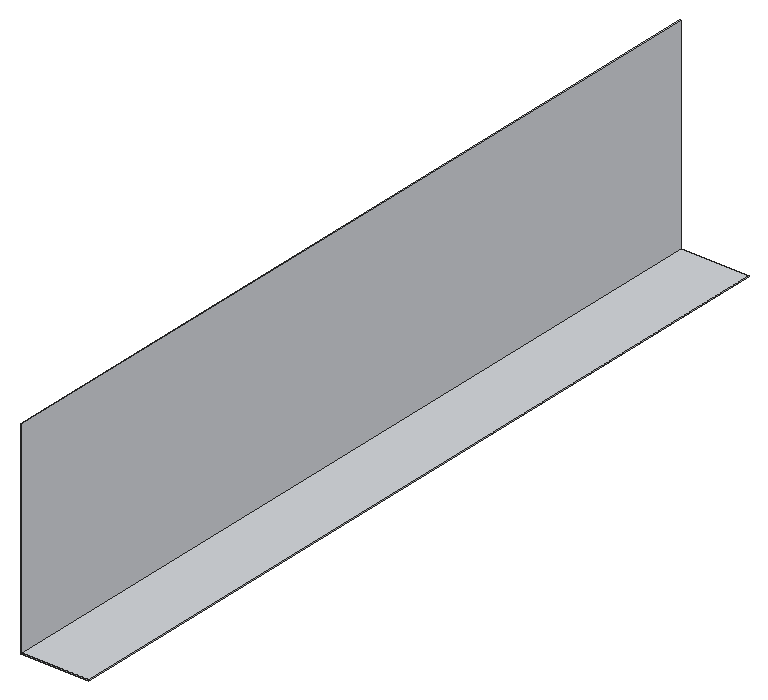
Revit family "BIMSF-ClipAngle", category Structural Framing, Revit 2024
Family settings
  Section Shape = Not Defined
  Material for Model Behavior = Other
  Always export as geometry = No
  Work Plane-Based = No
  Always vertical = Yes
  Cut with Voids When Loaded = No
  Symbolic Representation = From Family
  Shared = Yes
  Show family pre-cut in plan views = Yes
Parameters
  y = 0' - 0"
  x = 0' - 0"
  tf = 0' - 0 9/256"
  k = 0' - 0"
  d = 0' - 6"
  bf = 0' - 2"
  Xcg = bf / 2  # 0' - 1"
  Weight = 0.00 lbf/ft
  W = ""
  StartLength [instance] = 1' - 0"
  Rotation [instance] = 0.00°
  Reported Length [instance] = 2' - 0"
  Length [instance] = StartLength + EndLength  # 2' - 0"
  JustVert [instance] = 0' - 0"
  JustHoriz [instance] = 0' - 0"
  EndLength [instance] = 1' - 0"
  A = 0.00 SF
Reference planes (in)
  plane 1 "Center (Front/Back)": y = 0
  plane 2: z = 0
  plane 3 "Center (Left/Right)": x = 0
  plane 4: y = 12
  plane 5: y = -12
Forms (in)
  Sweep 1, solid, detail levels medium+fine
    path origin (0, 0, 0) x (1, 0, 0) y (0, 1, 0)
      loop
        line (0, -12) -> (0, 12)
    profile "ColdFormed-L Stud-Profile-Medium : ColdFormed-C Stud-Profile-Medium" origin (0, 0, 0) x (-1, 0, 0) y (0, 0, 1)
      loop
        line (0.96484, 3) -> (0.96484, -2.96484) -> (-1, -2.96484) -> (-1, -3) -> (1, -3) -> (1, 3) -> (0.96484, 3)
Dimensions and locks (in)
  "EndLength": plane 4 to plane 1 "Center (Front/Back)"
  "StartLength": plane 5 to plane 1 "Center (Front/Back)"
  "Reported Length": plane 4 to plane 5
  aligned and locked: plane 4 to Sweep 1 sketch curve
  aligned and locked: plane 5 to Sweep 1 sketch curve
  aligned and locked: plane 3 "Center (Left/Right)" to Sweep 1 sketch curve
Types in the file's own list only (127): name | y | x | tf | k | d | bf | Xcg | W | A
  L8X8X1-1/8 | 0' - 2 13/32" | 0' - 2 13/32" | 0' - 1 1/8" | 0' - 1 3/4" | 0' - 8" | 0' - 8" | 0' - 4" | "56.9" | 0.12 SF
  L8X8X1 | 0' - 2 3/8" | 0' - 2 3/8" | 0' - 1" | 0' - 1 5/8" | 0' - 8" | 0' - 8" | 0' - 4" | "51" | 0.10 SF
  L8X8X7/8 | 0' - 2 5/16" | 0' - 2 5/16" | 0' - 0 7/8" | 0' - 1 1/2" | 0' - 8" | 0' - 8" | 0' - 4" | "45" | 0.09 SF
  L8X8X3/4 | 0' - 2 1/4" | 0' - 2 1/4" | 0' - 0 3/4" | 0' - 1 3/8" | 0' - 8" | 0' - 8" | 0' - 4" | "38.9" | 0.08 SF
  L8X8X5/8 | 0' - 2 7/32" | 0' - 2 7/32" | 0' - 0 5/8" | 0' - 1 1/4" | 0' - 8" | 0' - 8" | 0' - 4" | "32.7" | 0.07 SF
  L8X8X9/16 | 0' - 2 3/16" | 0' - 2 3/16" | 0' - 0 9/16" | 0' - 1 3/16" | 0' - 8" | 0' - 8" | 0' - 4" | "29.6" | 0.06 SF
  L8X8X1/2 | 0' - 2 5/32" | 0' - 2 5/32" | 0' - 0 1/2" | 0' - 1 1/8" | 0' - 8" | 0' - 8" | 0' - 4" | "26.4" | 0.05 SF
  L8X6X1 | 0' - 2 21/32" | 0' - 1 21/32" | 0' - 1" | 0' - 1 1/2" | 0' - 8" | 0' - 6" | 0' - 3" | "44.2" | 0.09 SF
  L8X6X7/8 | 0' - 2 19/32" | 0' - 1 19/32" | 0' - 0 7/8" | 0' - 1 3/8" | 0' - 8" | 0' - 6" | 0' - 3" | "39.1" | 0.08 SF
  L8X6X3/4 | 0' - 2 9/16" | 0' - 1 9/16" | 0' - 0 3/4" | 0' - 1 1/4" | 0' - 8" | 0' - 6" | 0' - 3" | "33.8" | 0.07 SF
  L8X6X5/8 | 0' - 2 1/2" | 0' - 1 1/2" | 0' - 0 5/8" | 0' - 1 1/8" | 0' - 8" | 0' - 6" | 0' - 3" | "28.5" | 0.06 SF
  L8X6X9/16 | 0' - 2 15/32" | 0' - 1 1/2" | 0' - 0 9/16" | 0' - 1 1/16" | 0' - 8" | 0' - 6" | 0' - 3" | "25.7" | 0.05 SF
  L8X6X1/2 | 0' - 2 15/32" | 0' - 1 15/32" | 0' - 0 1/2" | 0' - 1" | 0' - 8" | 0' - 6" | 0' - 3" | "23" | 0.05 SF
  L8X6X7/16 | 0' - 2 7/16" | 0' - 1 7/16" | 0' - 0 7/16" | 0' - 0 15/16" | 0' - 8" | 0' - 6" | 0' - 3" | "20.2" | 0.04 SF
  L8X4X1 | 0' - 3 1/32" | 0' - 1 1/32" | 0' - 1" | 0' - 1 1/2" | 0' - 8" | 0' - 4" | 0' - 2" | "37.4" | 0.08 SF
  L8X4X7/8 | 0' - 3" | 0' - 1" | 0' - 0 7/8" | 0' - 1 3/8" | 0' - 8" | 0' - 4" | 0' - 2" | "33.1" | 0.07 SF
  L8X4X3/4 | 0' - 2 15/16" | 0' - 0 15/16" | 0' - 0 3/4" | 0' - 1 1/4" | 0' - 8" | 0' - 4" | 0' - 2" | "28.7" | 0.06 SF
  L8X4X5/8 | 0' - 2 7/8" | 0' - 0 29/32" | 0' - 0 5/8" | 0' - 1 1/8" | 0' - 8" | 0' - 4" | 0' - 2" | "24.2" | 0.05 SF
  L8X4X9/16 | 0' - 2 7/8" | 0' - 0 7/8" | 0' - 0 9/16" | 0' - 1 1/16" | 0' - 8" | 0' - 4" | 0' - 2" | "21.9" | 0.04 SF
  L8X4X1/2 | 0' - 2 27/32" | 0' - 0 27/32" | 0' - 0 1/2" | 0' - 1" | 0' - 8" | 0' - 4" | 0' - 2" | "19.6" | 0.04 SF
  L8X4X7/16 | 0' - 2 13/16" | 0' - 0 27/32" | 0' - 0 7/16" | 0' - 0 15/16" | 0' - 8" | 0' - 4" | 0' - 2" | "17.2" | 0.04 SF
  L7X4X3/4 | 0' - 2 1/2" | 0' - 1" | 0' - 0 3/4" | 0' - 1 1/4" | 0' - 7" | 0' - 4" | 0' - 2" | "26.2" | 0.05 SF
  L7X4X5/8 | 0' - 2 7/16" | 0' - 0 31/32" | 0' - 0 5/8" | 0' - 1 1/8" | 0' - 7" | 0' - 4" | 0' - 2" | "22.1" | 0.05 SF
  L7X4X1/2 | 0' - 2 13/32" | 0' - 0 29/32" | 0' - 0 1/2" | 0' - 1" | 0' - 7" | 0' - 4" | 0' - 2" | "17.9" | 0.04 SF
  L7X4X7/16 | 0' - 2 3/8" | 0' - 0 7/8" | 0' - 0 7/16" | 0' - 0 15/16" | 0' - 7" | 0' - 4" | 0' - 2" | "15.7" | 0.03 SF
  L7X4X3/8 | 0' - 2 11/32" | 0' - 0 7/8" | 0' - 0 3/8" | 0' - 0 7/8" | 0' - 7" | 0' - 4" | 0' - 2" | "13.6" | 0.03 SF
  L6X6X1 | 0' - 1 7/8" | 0' - 1 7/8" | 0' - 1" | 0' - 1 1/2" | 0' - 6" | 0' - 6" | 0' - 3" | "37.4" | 0.08 SF
  L6X6X7/8 | 0' - 1 13/16" | 0' - 1 13/16" | 0' - 0 7/8" | 0' - 1 3/8" | 0' - 6" | 0' - 6" | 0' - 3" | "33.1" | 0.07 SF
  L6X6X3/4 | 0' - 1 25/32" | 0' - 1 25/32" | 0' - 0 3/4" | 0' - 1 1/4" | 0' - 6" | 0' - 6" | 0' - 3" | "28.7" | 0.06 SF
  L6X6X5/8 | 0' - 1 23/32" | 0' - 1 23/32" | 0' - 0 5/8" | 0' - 1 1/8" | 0' - 6" | 0' - 6" | 0' - 3" | "24.2" | 0.05 SF
  L6X6X9/16 | 0' - 1 11/16" | 0' - 1 11/16" | 0' - 0 9/16" | 0' - 1 1/16" | 0' - 6" | 0' - 6" | 0' - 3" | "21.9" | 0.04 SF
  L6X6X1/2 | 0' - 1 21/32" | 0' - 1 21/32" | 0' - 0 1/2" | 0' - 1" | 0' - 6" | 0' - 6" | 0' - 3" | "19.6" | 0.04 SF
  L6X6X7/16 | 0' - 1 21/32" | 0' - 1 21/32" | 0' - 0 7/16" | 0' - 0 15/16" | 0' - 6" | 0' - 6" | 0' - 3" | "17.2" | 0.04 SF
  L6X6X3/8 | 0' - 1 5/8" | 0' - 1 5/8" | 0' - 0 3/8" | 0' - 0 7/8" | 0' - 6" | 0' - 6" | 0' - 3" | "14.9" | 0.03 SF
  L6X6X5/16 | 0' - 1 19/32" | 0' - 1 19/32" | 0' - 0 5/16" | 0' - 0 13/16" | 0' - 6" | 0' - 6" | 0' - 3" | "12.4" | 0.03 SF
  L6X4X7/8 | 0' - 2 1/8" | 0' - 1 1/8" | 0' - 0 7/8" | 0' - 1 3/8" | 0' - 6" | 0' - 4" | 0' - 2" | "27.2" | 0.06 SF
  L6X4X3/4 | 0' - 2 1/16" | 0' - 1 1/16" | 0' - 0 3/4" | 0' - 1 1/4" | 0' - 6" | 0' - 4" | 0' - 2" | "23.6" | 0.05 SF
  L6X4X5/8 | 0' - 2 1/32" | 0' - 1 1/32" | 0' - 0 5/8" | 0' - 1 1/8" | 0' - 6" | 0' - 4" | 0' - 2" | "20" | 0.04 SF
  L6X4X9/16 | 0' - 2" | 0' - 1" | 0' - 0 9/16" | 0' - 1 1/16" | 0' - 6" | 0' - 4" | 0' - 2" | "18.1" | 0.04 SF
  L6X4X1/2 | 0' - 1 31/32" | 0' - 0 31/32" | 0' - 0 1/2" | 0' - 1" | 0' - 6" | 0' - 4" | 0' - 2" | "16.2" | 0.03 SF
  L6X4X7/16 | 0' - 1 15/16" | 0' - 0 31/32" | 0' - 0 7/16" | 0' - 0 15/16" | 0' - 6" | 0' - 4" | 0' - 2" | "14.3" | 0.03 SF
  L6X4X3/8 | 0' - 1 15/16" | 0' - 0 15/16" | 0' - 0 3/8" | 0' - 0 7/8" | 0' - 6" | 0' - 4" | 0' - 2" | "12.3" | 0.03 SF
  L6X4X5/16 | 0' - 1 29/32" | 0' - 0 29/32" | 0' - 0 5/16" | 0' - 0 13/16" | 0' - 6" | 0' - 4" | 0' - 2" | "10.3" | 0.02 SF
  L6X3-1/2X1/2 | 0' - 2 1/16" | 0' - 0 27/32" | 0' - 0 1/2" | 0' - 1" | 0' - 6" | 0' - 3 1/2" | 0' - 1 3/4" | "15.3" | 0.03 SF
  L6X3-1/2X3/8 | 0' - 2 1/32" | 0' - 0 25/32" | 0' - 0 3/8" | 0' - 0 7/8" | 0' - 6" | 0' - 3 1/2" | 0' - 1 3/4" | "11.7" | 0.02 SF
  L6X3-1/2X5/16 | 0' - 2" | 0' - 0 3/4" | 0' - 0 5/16" | 0' - 0 13/16" | 0' - 6" | 0' - 3 1/2" | 0' - 1 3/4" | "9.8" | 0.02 SF
  L5X5X7/8 | 0' - 1 9/16" | 0' - 1 9/16" | 0' - 0 7/8" | 0' - 1 3/8" | 0' - 5" | 0' - 5" | 0' - 2 1/2" | "27.2" | 0.06 SF
  L5X5X3/4 | 0' - 1 17/32" | 0' - 1 17/32" | 0' - 0 3/4" | 0' - 1 1/4" | 0' - 5" | 0' - 5" | 0' - 2 1/2" | "23.6" | 0.05 SF
  L5X5X5/8 | 0' - 1 15/32" | 0' - 1 15/32" | 0' - 0 5/8" | 0' - 1 1/8" | 0' - 5" | 0' - 5" | 0' - 2 1/2" | "20" | 0.04 SF
  L5X5X1/2 | 0' - 1 13/32" | 0' - 1 13/32" | 0' - 0 1/2" | 0' - 1" | 0' - 5" | 0' - 5" | 0' - 2 1/2" | "16.2" | 0.03 SF
  L5X5X7/16 | 0' - 1 13/32" | 0' - 1 13/32" | 0' - 0 7/16" | 0' - 0 15/16" | 0' - 5" | 0' - 5" | 0' - 2 1/2" | "14.3" | 0.03 SF
  L5X5X3/8 | 0' - 1 3/8" | 0' - 1 3/8" | 0' - 0 3/8" | 0' - 0 7/8" | 0' - 5" | 0' - 5" | 0' - 2 1/2" | "12.3" | 0.03 SF
  L5X5X5/16 | 0' - 1 11/32" | 0' - 1 11/32" | 0' - 0 5/16" | 0' - 0 13/16" | 0' - 5" | 0' - 5" | 0' - 2 1/2" | "10.3" | 0.02 SF
  L5X3-1/2X3/4 | 0' - 1 3/4" | 0' - 1" | 0' - 0 3/4" | 0' - 1 3/16" | 0' - 5" | 0' - 3 1/2" | 0' - 1 3/4" | "19.8" | 0.04 SF
  L5X3-1/2X5/8 | 0' - 1 11/16" | 0' - 0 15/16" | 0' - 0 5/8" | 0' - 1 1/16" | 0' - 5" | 0' - 3 1/2" | 0' - 1 3/4" | "16.8" | 0.03 SF
  L5X3-1/2X1/2 | 0' - 1 21/32" | 0' - 0 29/32" | 0' - 0 1/2" | 0' - 0 15/16" | 0' - 5" | 0' - 3 1/2" | 0' - 1 3/4" | "13.6" | 0.03 SF
  L5X3-1/2X3/8 | 0' - 1 19/32" | 0' - 0 27/32" | 0' - 0 3/8" | 0' - 0 13/16" | 0' - 5" | 0' - 3 1/2" | 0' - 1 3/4" | "10.4" | 0.02 SF
  L5X3-1/2X5/16 | 0' - 1 9/16" | 0' - 0 27/32" | 0' - 0 5/16" | 0' - 0 3/4" | 0' - 5" | 0' - 3 1/2" | 0' - 1 3/4" | "8.7" | 0.02 SF
  L5X3-1/2X1/4 | 0' - 1 9/16" | 0' - 0 13/16" | 0' - 0 1/4" | 0' - 0 11/16" | 0' - 5" | 0' - 3 1/2" | 0' - 1 3/4" | "7" | 0.01 SF
  L5X3X1/2 | 0' - 1 3/4" | 0' - 0 3/4" | 0' - 0 1/2" | 0' - 0 15/16" | 0' - 5" | 0' - 3" | 0' - 1 1/2" | "12.8" | 0.03 SF
  L5X3X7/16 | 0' - 1 23/32" | 0' - 0 23/32" | 0' - 0 7/16" | 0' - 0 7/8" | 0' - 5" | 0' - 3" | 0' - 1 1/2" | "11.3" | 0.02 SF
  L5X3X3/8 | 0' - 1 11/16" | 0' - 0 11/16" | 0' - 0 3/8" | 0' - 0 13/16" | 0' - 5" | 0' - 3" | 0' - 1 1/2" | "9.8" | 0.02 SF
  L5X3X5/16 | 0' - 1 21/32" | 0' - 0 11/16" | 0' - 0 5/16" | 0' - 0 3/4" | 0' - 5" | 0' - 3" | 0' - 1 1/2" | "8.2" | 0.02 SF
  L5X3X1/4 | 0' - 1 5/8" | 0' - 0 21/32" | 0' - 0 1/4" | 0' - 0 11/16" | 0' - 5" | 0' - 3" | 0' - 1 1/2" | "6.6" | 0.01 SF
  L4X4X3/4 | 0' - 1 9/32" | 0' - 1 9/32" | 0' - 0 3/4" | 0' - 1 1/8" | 0' - 4" | 0' - 4" | 0' - 2" | "18.5" | 0.04 SF
  L4X4X5/8 | 0' - 1 7/32" | 0' - 1 7/32" | 0' - 0 5/8" | 0' - 1" | 0' - 4" | 0' - 4" | 0' - 2" | "15.7" | 0.03 SF
  L4X4X1/2 | 0' - 1 3/16" | 0' - 1 3/16" | 0' - 0 1/2" | 0' - 0 7/8" | 0' - 4" | 0' - 4" | 0' - 2" | "12.8" | 0.03 SF
  L4X4X7/16 | 0' - 1 5/32" | 0' - 1 5/32" | 0' - 0 7/16" | 0' - 0 13/16" | 0' - 4" | 0' - 4" | 0' - 2" | "11.3" | 0.02 SF
  L4X4X3/8 | 0' - 1 1/8" | 0' - 1 1/8" | 0' - 0 3/8" | 0' - 0 3/4" | 0' - 4" | 0' - 4" | 0' - 2" | "9.8" | 0.02 SF
  L4X4X5/16 | 0' - 1 1/8" | 0' - 1 1/8" | 0' - 0 5/16" | 0' - 0 11/16" | 0' - 4" | 0' - 4" | 0' - 2" | "8.2" | 0.02 SF
  L4X4X1/4 | 0' - 1 3/32" | 0' - 1 3/32" | 0' - 0 1/4" | 0' - 0 5/8" | 0' - 4" | 0' - 4" | 0' - 2" | "6.6" | 0.01 SF
  L4X3-1/2X1/2 | 0' - 1 1/4" | 0' - 1" | 0' - 0 1/2" | 0' - 0 7/8" | 0' - 4" | 0' - 3 1/2" | 0' - 1 3/4" | "11.9" | 0.02 SF
  L4X3-1/2X3/8 | 0' - 1 3/16" | 0' - 0 15/16" | 0' - 0 3/8" | 0' - 0 3/4" | 0' - 4" | 0' - 3 1/2" | 0' - 1 3/4" | "9.1" | 0.02 SF
  L4X3-1/2X5/16 | 0' - 1 5/32" | 0' - 0 15/16" | 0' - 0 5/16" | 0' - 0 11/16" | 0' - 4" | 0' - 3 1/2" | 0' - 1 3/4" | "7.7" | 0.02 SF
  L4X3-1/2X1/4 | 0' - 1 1/8" | 0' - 0 29/32" | 0' - 0 1/4" | 0' - 0 5/8" | 0' - 4" | 0' - 3 1/2" | 0' - 1 3/4" | "6.2" | 0.01 SF
  L4X3X5/8 | 0' - 1 3/8" | 0' - 0 7/8" | 0' - 0 5/8" | 0' - 1" | 0' - 4" | 0' - 3" | 0' - 1 1/2" | "13.6" | 0.03 SF
  L4X3X1/2 | 0' - 1 5/16" | 0' - 0 13/16" | 0' - 0 1/2" | 0' - 0 7/8" | 0' - 4" | 0' - 3" | 0' - 1 1/2" | "11.1" | 0.02 SF
  L4X3X3/8 | 0' - 1 9/32" | 0' - 0 25/32" | 0' - 0 3/8" | 0' - 0 3/4" | 0' - 4" | 0' - 3" | 0' - 1 1/2" | "8.5" | 0.02 SF
  L4X3X5/16 | 0' - 1 1/4" | 0' - 0 3/4" | 0' - 0 5/16" | 0' - 0 11/16" | 0' - 4" | 0' - 3" | 0' - 1 1/2" | "7.2" | 0.01 SF
  L4X3X1/4 | 0' - 1 7/32" | 0' - 0 23/32" | 0' - 0 1/4" | 0' - 0 5/8" | 0' - 4" | 0' - 3" | 0' - 1 1/2" | "5.8" | 0.01 SF
  L3-1/2X3-1/2X1/2 | 0' - 1 1/16" | 0' - 1 1/16" | 0' - 0 1/2" | 0' - 0 7/8" | 0' - 3 1/2" | 0' - 3 1/2" | 0' - 1 3/4" | "11.1" | 0.02 SF
  L3-1/2X3-1/2X7/16 | 0' - 1 1/32" | 0' - 1 1/32" | 0' - 0 7/16" | 0' - 0 13/16" | 0' - 3 1/2" | 0' - 3 1/2" | 0' - 1 3/4" | "9.8" | 0.02 SF
  L3-1/2X3-1/2X3/8 | 0' - 1" | 0' - 1" | 0' - 0 3/8" | 0' - 0 3/4" | 0' - 3 1/2" | 0' - 3 1/2" | 0' - 1 3/4" | "8.5" | 0.02 SF
  L3-1/2X3-1/2X5/16 | 0' - 0 31/32" | 0' - 0 31/32" | 0' - 0 5/16" | 0' - 0 11/16" | 0' - 3 1/2" | 0' - 3 1/2" | 0' - 1 3/4" | "7.2" | 0.01 SF
  L3-1/2X3-1/2X1/4 | 0' - 0 31/32" | 0' - 0 31/32" | 0' - 0 1/4" | 0' - 0 5/8" | 0' - 3 1/2" | 0' - 3 1/2" | 0' - 1 3/4" | "5.8" | 0.01 SF
  L3-1/2X3X1/2 | 0' - 1 1/8" | 0' - 0 7/8" | 0' - 0 1/2" | 0' - 0 7/8" | 0' - 3 1/2" | 0' - 3" | 0' - 1 1/2" | "10.2" | 0.02 SF
  L3-1/2X3X7/16 | 0' - 1 3/32" | 0' - 0 27/32" | 0' - 0 7/16" | 0' - 0 13/16" | 0' - 3 1/2" | 0' - 3" | 0' - 1 1/2" | "9.1" | 0.02 SF
  L3-1/2X3X3/8 | 0' - 1 1/16" | 0' - 0 13/16" | 0' - 0 3/8" | 0' - 0 3/4" | 0' - 3 1/2" | 0' - 3" | 0' - 1 1/2" | "7.9" | 0.02 SF
  L3-1/2X3X5/16 | 0' - 1 1/16" | 0' - 0 13/16" | 0' - 0 5/16" | 0' - 0 11/16" | 0' - 3 1/2" | 0' - 3" | 0' - 1 1/2" | "6.6" | 0.01 SF
  L3-1/2X3X1/4 | 0' - 1 1/32" | 0' - 0 25/32" | 0' - 0 1/4" | 0' - 0 5/8" | 0' - 3 1/2" | 0' - 3" | 0' - 1 1/2" | "5.4" | 0.01 SF
  L3-1/2X2-1/2X1/2 | 0' - 1 3/16" | 0' - 0 11/16" | 0' - 0 1/2" | 0' - 0 7/8" | 0' - 3 1/2" | 0' - 2 1/2" | 0' - 1 1/4" | "9.4" | 0.02 SF
  L3-1/2X2-1/2X3/8 | 0' - 1 5/32" | 0' - 0 21/32" | 0' - 0 3/8" | 0' - 0 3/4" | 0' - 3 1/2" | 0' - 2 1/2" | 0' - 1 1/4" | "7.2" | 0.01 SF
  L3-1/2X2-1/2X5/16 | 0' - 1 1/8" | 0' - 0 5/8" | 0' - 0 5/16" | 0' - 0 11/16" | 0' - 3 1/2" | 0' - 2 1/2" | 0' - 1 1/4" | "6.1" | 0.01 SF
  L3-1/2X2-1/2X1/4 | 0' - 1 3/32" | 0' - 0 19/32" | 0' - 0 1/4" | 0' - 0 5/8" | 0' - 3 1/2" | 0' - 2 1/2" | 0' - 1 1/4" | "4.9" | 0.01 SF
  L3X3X1/2 | 0' - 0 15/16" | 0' - 0 15/16" | 0' - 0 1/2" | 0' - 0 7/8" | 0' - 3" | 0' - 3" | 0' - 1 1/2" | "9.4" | 0.02 SF
  L3X3X7/16 | 0' - 0 29/32" | 0' - 0 29/32" | 0' - 0 7/16" | 0' - 0 13/16" | 0' - 3" | 0' - 3" | 0' - 1 1/2" | "8.3" | 0.02 SF
  L3X3X3/8 | 0' - 0 7/8" | 0' - 0 7/8" | 0' - 0 3/8" | 0' - 0 3/4" | 0' - 3" | 0' - 3" | 0' - 1 1/2" | "7.2" | 0.01 SF
  L3X3X5/16 | 0' - 0 7/8" | 0' - 0 7/8" | 0' - 0 5/16" | 0' - 0 11/16" | 0' - 3" | 0' - 3" | 0' - 1 1/2" | "6.1" | 0.01 SF
  L3X3X1/4 | 0' - 0 27/32" | 0' - 0 27/32" | 0' - 0 1/4" | 0' - 0 5/8" | 0' - 3" | 0' - 3" | 0' - 1 1/2" | "4.9" | 0.01 SF
  L3X3X3/16 | 0' - 0 13/16" | 0' - 0 13/16" | 0' - 0 3/16" | 0' - 0 9/16" | 0' - 3" | 0' - 3" | 0' - 1 1/2" | "3.71" | 0.01 SF
  L3X2-1/2X1/2 | 0' - 1" | 0' - 0 3/4" | 0' - 0 1/2" | 0' - 0 7/8" | 0' - 3" | 0' - 2 1/2" | 0' - 1 1/4" | "8.5" | 0.02 SF
  L3X2-1/2X7/16 | 0' - 0 31/32" | 0' - 0 23/32" | 0' - 0 7/16" | 0' - 0 13/16" | 0' - 3" | 0' - 2 1/2" | 0' - 1 1/4" | "7.6" | 0.02 SF
  L3X2-1/2X3/8 | 0' - 0 15/16" | 0' - 0 11/16" | 0' - 0 3/8" | 0' - 0 3/4" | 0' - 3" | 0' - 2 1/2" | 0' - 1 1/4" | "6.6" | 0.01 SF
  L3X2-1/2X5/16 | 0' - 0 15/16" | 0' - 0 11/16" | 0' - 0 5/16" | 0' - 0 11/16" | 0' - 3" | 0' - 2 1/2" | 0' - 1 1/4" | "5.6" | 0.01 SF
  L3X2-1/2X1/4 | 0' - 0 29/32" | 0' - 0 21/32" | 0' - 0 1/4" | 0' - 0 5/8" | 0' - 3" | 0' - 2 1/2" | 0' - 1 1/4" | "4.5" | 0.01 SF
  L3X2-1/2X3/16 | 0' - 0 7/8" | 0' - 0 5/8" | 0' - 0 3/16" | 0' - 0 9/16" | 0' - 3" | 0' - 2 1/2" | 0' - 1 1/4" | "3.39" | 0.01 SF
  L3X2X1/2 | 0' - 1 3/32" | 0' - 0 19/32" | 0' - 0 1/2" | 0' - 0 13/16" | 0' - 3" | 0' - 2" | 0' - 1" | "7.7" | 0.02 SF
  L3X2X3/8 | 0' - 1 1/32" | 0' - 0 17/32" | 0' - 0 3/8" | 0' - 0 11/16" | 0' - 3" | 0' - 2" | 0' - 1" | "5.9" | 0.01 SF
  L3X2X5/16 | 0' - 1" | 0' - 0 1/2" | 0' - 0 5/16" | 0' - 0 5/8" | 0' - 3" | 0' - 2" | 0' - 1" | "5" | 0.01 SF
  L3X2X1/4 | 0' - 0 31/32" | 0' - 0 1/2" | 0' - 0 1/4" | 0' - 0 9/16" | 0' - 3" | 0' - 2" | 0' - 1" | "4.1" | 0.01 SF
  L3X2X3/16 | 0' - 0 15/16" | 0' - 0 15/32" | 0' - 0 3/16" | 0' - 0 1/2" | 0' - 3" | 0' - 2" | 0' - 1" | "3.07" | 0.01 SF
  L2-1/2X2-1/2X1/2 | 0' - 0 13/16" | 0' - 0 13/16" | 0' - 0 1/2" | 0' - 0 3/4" | 0' - 2 1/2" | 0' - 2 1/2" | 0' - 1 1/4" | "7.7" | 0.02 SF
  L2-1/2X2-1/2X3/8 | 0' - 0 3/4" | 0' - 0 3/4" | 0' - 0 3/8" | 0' - 0 5/8" | 0' - 2 1/2" | 0' - 2 1/2" | 0' - 1 1/4" | "5.9" | 0.01 SF
  L2-1/2X2-1/2X5/16 | 0' - 0 3/4" | 0' - 0 3/4" | 0' - 0 5/16" | 0' - 0 9/16" | 0' - 2 1/2" | 0' - 2 1/2" | 0' - 1 1/4" | "5" | 0.01 SF
  L2-1/2X2-1/2X1/4 | 0' - 0 23/32" | 0' - 0 23/32" | 0' - 0 1/4" | 0' - 0 1/2" | 0' - 2 1/2" | 0' - 2 1/2" | 0' - 1 1/4" | "4.1" | 0.01 SF
  L2-1/2X2-1/2X3/16 | 0' - 0 11/16" | 0' - 0 11/16" | 0' - 0 3/16" | 0' - 0 7/16" | 0' - 2 1/2" | 0' - 2 1/2" | 0' - 1 1/4" | "3.07" | 0.01 SF
  L2-1/2X2X3/8 | 0' - 0 13/16" | 0' - 0 9/16" | 0' - 0 3/8" | 0' - 0 5/8" | 0' - 2 1/2" | 0' - 2" | 0' - 1" | "5.3" | 0.01 SF
  L2-1/2X2X5/16 | 0' - 0 13/16" | 0' - 0 9/16" | 0' - 0 5/16" | 0' - 0 9/16" | 0' - 2 1/2" | 0' - 2" | 0' - 1" | "4.5" | 0.01 SF
  L2-1/2X2X1/4 | 0' - 0 25/32" | 0' - 0 17/32" | 0' - 0 1/4" | 0' - 0 1/2" | 0' - 2 1/2" | 0' - 2" | 0' - 1" | "3.62" | 0.01 SF
  L2-1/2X2X3/16 | 0' - 0 3/4" | 0' - 0 1/2" | 0' - 0 3/16" | 0' - 0 7/16" | 0' - 2 1/2" | 0' - 2" | 0' - 1" | "2.75" | 0.01 SF
  L2-1/2X1-1/2X1/4 | 0' - 0 7/8" | 0' - 0 3/8" | 0' - 0 1/4" | 0' - 0 1/2" | 0' - 2 1/2" | 0' - 1 1/2" | 0' - 0 3/4" | "3.22" | 0.01 SF
  L2-1/2X1-1/2X3/16 | 0' - 0 27/32" | 0' - 0 11/32" | 0' - 0 3/16" | 0' - 0 7/16" | 0' - 2 1/2" | 0' - 1 1/2" | 0' - 0 3/4" | "2.47" | 0.00 SF
  L2X2X3/8 | 0' - 0 5/8" | 0' - 0 5/8" | 0' - 0 3/8" | 0' - 0 5/8" | 0' - 2" | 0' - 2" | 0' - 1" | "4.7" | 0.01 SF
  L2X2X5/16 | 0' - 0 19/32" | 0' - 0 19/32" | 0' - 0 5/16" | 0' - 0 9/16" | 0' - 2" | 0' - 2" | 0' - 1" | "3.92" | 0.01 SF
  L2X2X1/4 | 0' - 0 19/32" | 0' - 0 19/32" | 0' - 0 1/4" | 0' - 0 1/2" | 0' - 2" | 0' - 2" | 0' - 1" | "3.19" | 0.01 SF
  L2X2X3/16 | 0' - 0 9/16" | 0' - 0 9/16" | 0' - 0 3/16" | 0' - 0 7/16" | 0' - 2" | 0' - 2" | 0' - 1" | "2.44" | 0.00 SF
  L2X2X1/8 | 0' - 0 17/32" | 0' - 0 17/32" | 0' - 0 1/8" | 0' - 0 3/8" | 0' - 2" | 0' - 2" | 0' - 1" | "1.65" | 0.00 SF
